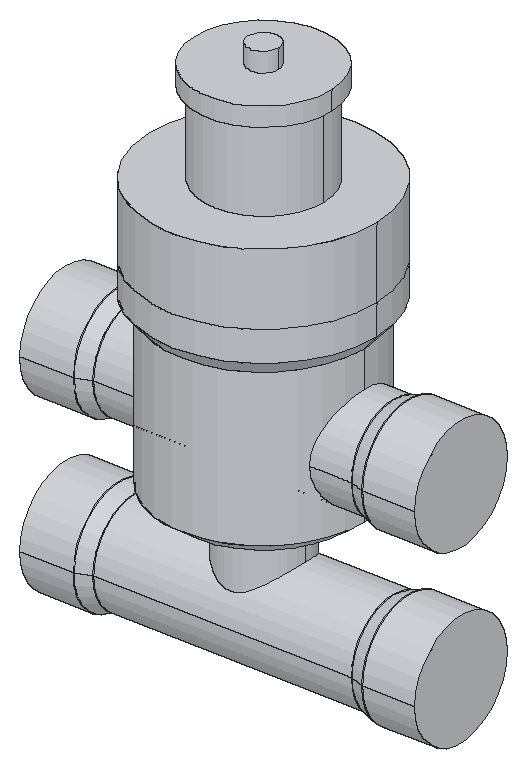
Revit family "VTX13P_DN15_PN16_RFA_2019", category Pipe Accessories, Revit 2019
Family settings
  Round Connector Dimension = Use Diameter
  Part Type = Valve - Breaks Into
  Work Plane-Based = No
  Always vertical = Yes
  Cut with Voids When Loaded = No
  Shared = No
Parameters (values of type "VTX13P G1/2  PN16 kvs1,6")
  magiProductId = ""
  magiProductFamilyId = ""
  magiPartTypeId = 306
  isMeasuringValve [instance] = no
  ang2D [instance] = 0.00°
  Z8 = 4 mm
  Z7__ve = -Z7  # -2.5 mm
  Z7 = 2.5 mm
  Z5 = 9.45 mm
  Z3 = 2 mm
  Z2 = 8.05 mm
  X4__ve = -X4  # -7 mm
  X4 = 7 mm
  X3 = 34 mm
  W2D = 15 mm
  VersionID = ""
  Use Minimum Symbol Size [instance] = yes
  URL = "www.hydronix.cz"
  Type Comments = "Závitový, vnější závit, ploché těsnění; LIN charakteristika; PN16; +5~+95°C; max.rychlost proudění 3,0 m/s"
  R9 = 9 mm
  R8 = 2 mm
  R7 = 15 mm
  R6 = 10.64 mm
  R5 = 6.703 mm
  R4 = 5.586 mm
  R2 = 13.3 mm
  R10 = 8 mm
  R1 = 6.75 mm
  QmdConnectorList = "301;D;302;D"
  Productdata [instance] = ""
  Manufacturer = "Hydronix"
  MC2 = yes
  MC Product Code = "VTX13P (G1/2\"; dpmax=250kPa; kvs 1,6)"
  MC = no
  LT2 = 19 mm
  L2D_Min = 3048 mm
  L2D = 38 mm
  H1 = 20.5 mm
  H = 27 mm
  E = 16 mm
  Description = "3 cestný regulační ventil malých spotřebičů s obtokem, DN15; zdvih 2,5mm; max dp 250kPa; kvs1,6"
  DT2 = 7.5 mm
  D = 15 mm
  CAT0 = yes
  C = 23 mm
Types (8, lengths in mm): name | Z5 | Z2 | X3 | R6 | R5 | R4 | R2 | R1 | MC Product Code | LT2 | H1 | H | Description | DT2 | D | C
  VTX09P G1/2  PN16 kvs0,25 | 9.45 | 8.05 | 34 | 10.64 | 6.703 | 5.586 | 13.3 | 6.75 | "VTX09P (G1/2\"; dpmax=250kPa; kvs 0,25)" | 19 | 20.5 | 27 | "3 cestný regulační ventil malých spotřebičů s obtokem, DN15; zdvih 2,5mm; max dp 250kPa; kvs0,25" | 7.5 | 15 | 23
  VTX10P G1/2  PN16 kvs0,4 | 9.45 | 8.05 | 34 | 10.64 | 6.703 | 5.586 | 13.3 | 6.75 | "VTX10P (G1/2\"; dpmax=250kPa; kvs 0,4)" | 19 | 20.5 | 27 | "3 cestný regulační ventil malých spotřebičů s obtokem, DN15; zdvih 2,5mm; max dp 250kPa; kvs0,4" | 7.5 | 15 | 23
  VTX12P G1/2  PN16 kvs1,0 | 9.45 | 8.05 | 34 | 10.64 | 6.703 | 5.586 | 13.3 | 6.75 | "VTX12P (G1/2\"; dpmax=250kPa; kvs 1,0)" | 19 | 20.5 | 27 | "3 cestný regulační ventil malých spotřebičů s obtokem, DN15; zdvih 2,5mm; max dp 250kPa; kvs1,0" | 7.5 | 15 | 23
  VTX13P G1/2  PN16 kvs1,6 | 9.45 | 8.05 | 34 | 10.64 | 6.703 | 5.586 | 13.3 | 6.75 | "VTX13P (G1/2\"; dpmax=250kPa; kvs 1,6)" | 19 | 20.5 | 27 | "3 cestný regulační ventil malých spotřebičů s obtokem, DN15; zdvih 2,5mm; max dp 250kPa; kvs1,6" | 7.5 | 15 | 23
  VTX21P G3/4  PN16 kvs2,5 | 9.1 | 17.5 | 38 | 11.76 | 7.409 | 6.174 | 14.7 | 9 | "VTX21P (G3/4\"; dpmax=150kPa; kvs 2,5)" | 21 | 37.4 | 26 | "3 cestný regulační ventil malých spotřebičů s obtokem, DN20; zdvih 2,5mm; max dp 150kPa; kvs2,5" | 10 | 20 | 50
  VTX24P G3/4  PN16 kvs4,0 | 9.1 | 17.5 | 38 | 11.76 | 7.409 | 6.174 | 14.7 | 9 | "VTX24P (G3/4\"; dpmax A-AB=100kPa;  dpmax B-AB=40kPa;  kvs 4,0)" | 21 | 37.4 | 26 | "3 cestný regulační ventil malých spotřebičů s obtokem, DN20; zdvih 2,5mm; max dp A-AB 100kPa; max dp B-AB 40kPa; kvs4,0" | 10 | 20 | 50
  VTX26P G3/4  PN16 kvs6,0 | 9.1 | 17.5 | 38 | 11.76 | 7.409 | 6.174 | 14.7 | 9 | "VTX26P (G3/4\"; dpmax A-AB=100kPa;  dpmax B-AB=40kPa; kvs 6,0)" | 21 | 37.4 | 26 | "3 cestný regulační ventil malých spotřebičů s obtokem, DN20; zdvih 2,5mm; max dp A-AB 100kPa; max dp B-AB 40kPa; kvs6,0" | 10 | 20 | 50
  VTX11P G1/2  PN16 kvs0,6 | 9.45 | 8.05 | 34 | 10.64 | 6.703 | 5.586 | 13.3 | 6.75 | "VTX11P (G1/2\"; dpmax=250kPa; kvs 0,6)" | 19 | 20.5 | 27 | "3 cestný regulační ventil malých spotřebičů s obtokem, DN15; zdvih 2,5mm; max dp 250kPa; kvs0,6" | 7.5 | 15 | 23
Reference planes
  plane 1 "Center (Front/Back)": y = 0
  plane 2 "XYPLANE": z = 0
  plane 3 "Center (Left/Right)": x = 0
  plane 4 "271": z = 38
  plane 5 "254": z = 11.55
  plane 6 "253": z = 17.55
  plane 7 "148": z = 40.5
  plane 8 "132": z = 43
  plane 9 "62": z = 13.55
  plane 10 "53": z = 27
  plane 11 "52": z = -8.95
  plane 12 "48": z = -10.95
  plane 13 "47": z = -12.95
  plane 14 "38": z = -21
  plane 15 "37": x = 17
  plane 16 "36": x = 19
  plane 17 "23": z = -23
  plane 18 "19": x = -17
  plane 19 "15": x = -19
  plane 20 "6": x = 26
  plane 21 "5": x = -26
  plane 22 "3": z = 0
  plane 23 "2": y = 0
  plane 24 "1": x = 0
Forms (mm)
  Extrusion 1, solid
    sketch origin (-17, -750, 0) x (0, 1, 0) y (0, 0, 1)
      loop
        circle (750, -23) r 6.75
    from 0 to 34 <- "X3"
  Blend 2, solid
    base sketch origin (19, -750, 0) x (0, 1, 0) y (0, 0, 1)
      loop
        circle (750, -23) r 7.5
    top sketch origin (19, -750, 0) x (0, 1, 0) y (0, 0, 1)
      loop
        circle (750, -23) r 6.75
    from 0 to -2
  Extrusion 3, solid
    sketch origin (26, -750, 0) x (0, 1, 0) y (0, 0, 1)
      loop
        circle (750, -23) r 7.5
    from 0 to -7 <- "X4__ve"
  Extrusion 4, solid
    sketch origin (-26, -750, 0) x (0, 1, 0) y (0, 0, 1)
      loop
        circle (750, -23) r 7.5
    from 0 to 7 <- "X4"
  Blend 5, solid
    base sketch origin (-19, -750, 0) x (0, 1, 0) y (0, 0, 1)
      loop
        circle (750, -23) r 7.5
    top sketch origin (-19, -750, 0) x (0, 1, 0) y (0, 0, 1)
      loop
        circle (750, -23) r 6.75
    from 0 to 2
  Extrusion 6, solid, visible <- "CAT0"
    sketch origin (-750, 0, 43) x (1, 0, 0) y (0, 1, 0)
      loop
        circle (750, 0) r 2
    from 0 to -2.5 <- "Z7__ve"
  Extrusion 7, solid, visible <- "CAT0"
    sketch origin (-750, 0, 38) x (1, 0, 0) y (0, 1, 0)
      loop
        circle (750, 0) r 8
    from 0 to -19
  Extrusion 8, solid, visible <- "CAT0"
    sketch origin (-17, -750, 0) x (0, 1, 0) y (0, 0, 1)
      loop
        circle (750, 0) r 6.75
    from 0 to 34 <- "X3"
  Extrusion 9, solid
    sketch origin (-750, 0, 13.55) x (1, 0, 0) y (0, 1, 0)
      loop
        circle (750, 0) r 15
    from 0 to 4 <- "Z8"
  Extrusion 10, solid
    sketch origin (-750, 0, 40.5) x (1, 0, 0) y (0, 1, 0)
      loop
        circle (750, 0) r 9
    from 0 to -2.5 <- "Z7__ve"
  Extrusion 11, solid
    sketch origin (-750, 0, 17.55) x (1, 0, 0) y (0, 1, 0)
      loop
        circle (750, 0) r 15
    from 0 to 9.45 <- "Z5"
  Blend 12, solid
    base sketch origin (-750, 0, 11.55) x (1, 0, 0) y (0, 1, 0)
      loop
        circle (750, 0) r 13.3
    top sketch origin (-750, 0, 11.55) x (1, 0, 0) y (0, 1, 0)
      loop
        circle (750, 0) r 15
    from 0 to 2
  Blend 13, solid
    base sketch origin (-750, 0, -8.95) x (1, 0, 0) y (0, 1, 0)
      loop
        circle (750, 0) r 13.3
    top sketch origin (-750, 0, -8.95) x (1, 0, 0) y (0, 1, 0)
      loop
        circle (750, 0) r 10.64
    from 0 to -2
  Blend 14, solid
    base sketch origin (-750, 0, -10.95) x (1, 0, 0) y (0, 1, 0)
      loop
        circle (750, 0) r 6.703
    top sketch origin (-750, 0, -10.95) x (1, 0, 0) y (0, 1, 0)
      loop
        circle (750, 0) r 5.586
    from 0 to -2
  Extrusion 15, solid
    sketch origin (-750, 0, -21) x (1, 0, 0) y (0, 1, 0)
      loop
        circle (750, 0) r 5.586
    from 0 to 8.05 <- "Z2"
  Extrusion 16, solid
    sketch origin (26, -750, 0) x (0, 1, 0) y (0, 0, 1)
      loop
        circle (750, 0) r 7.5
    from 0 to -7 <- "X4__ve"
  Blend 17, solid
    base sketch origin (19, -750, 0) x (0, 1, 0) y (0, 0, 1)
      loop
        circle (750, 0) r 7.5
    top sketch origin (19, -750, 0) x (0, 1, 0) y (0, 0, 1)
      loop
        circle (750, 0) r 6.75
    from 0 to -2
  Extrusion 18, solid
    sketch origin (-750, 0, -8.95) x (1, 0, 0) y (0, 1, 0)
      loop
        circle (750, 0) r 13.3
    from 0 to 20.5 <- "H1"
  Blend 19, solid
    base sketch origin (-19, -750, 0) x (0, 1, 0) y (0, 0, 1)
      loop
        circle (750, 0) r 7.5
    top sketch origin (-19, -750, 0) x (0, 1, 0) y (0, 0, 1)
      loop
        circle (750, 0) r 6.75
    from 0 to 2
  Extrusion 20, solid
    sketch origin (-26, -750, 0) x (0, 1, 0) y (0, 0, 1)
      loop
        circle (750, 0) r 7.5
    from 0 to 7 <- "X4"
  Extrusion 21, solid, not visible
    sketch origin (19, -750, 0) x (0, 1, 0) y (0, 0, 1)
      loop
        circle (750, 0) r 10
    from 0 to -10
  Extrusion 22, solid, not visible
    sketch origin (-19, -750, 0) x (0, 1, 0) y (0, 0, 1)
      loop
        circle (750, 0) r 10
    from 0 to 10
Lines and regions (mm)
  reference lines, not visible
    curve 1: circle (2, 2, 0) r 1 normal (0, 0, 1)
Dimensions and locks
  plane 1 "Center (Front/Back)" to curve 1 = 2 mm
  "Z7": plane 7 "148" to plane 4 "271"
  "Z3": plane 9 "62" to plane 5 "254"
  "Z5": plane 10 "53" to plane 6 "253"
  "Z7": plane 8 "132" to plane 7 "148"
  "E": plane 10 "53" to plane 8 "132"
  "Z8": plane 6 "253" to plane 9 "62"
  "H": plane 2 "XYPLANE" to plane 10 "53"
  "Z3": plane 12 "48" to plane 11 "52"
  "Z3": plane 13 "47" to plane 12 "48"
  "Z2": plane 14 "38" to plane 13 "47"
  "Z3": plane 17 "23" to plane 14 "38"
  locked: plane 16 "36" to plane 15 "37" at 2
  "LT2": plane 3 "Center (Left/Right)" to plane 16 "36"
  "C": plane 2 "XYPLANE" to plane 17 "23"
  locked: plane 19 "15" to plane 18 "19" at 2
  "LT2": plane 3 "Center (Left/Right)" to plane 19 "15"
  "X4": plane 16 "36" to plane 20 "6"
  "X4": plane 19 "15" to plane 21 "5"
  locked: plane 2 "XYPLANE" to plane 22 "3"
  locked: plane 1 "Center (Front/Back)" to plane 23 "2"
  locked: plane 3 "Center (Left/Right)" to plane 24 "1"
  "R1": radius of Extrusion 1 sketch curve
  "R1": radius of Blend 2 sketch curve
  "DT2": radius of Blend 2 sketch curve
  "DT2": radius of Extrusion 3 sketch curve
  "DT2": radius of Extrusion 4 sketch curve
  "R1": radius of Blend 5 sketch curve
  "DT2": radius of Blend 5 sketch curve
  "R8": radius of Extrusion 6 sketch curve
  "R10": radius of Extrusion 7 sketch curve
  "R1": radius of Extrusion 8 sketch curve
  "R7": radius of Extrusion 9 sketch curve
  "R9": radius of Extrusion 10 sketch curve
  "R7": radius of Extrusion 11 sketch curve
  "R7": radius of Blend 12 sketch curve
  "R2": radius of Blend 12 sketch curve
  "R6": radius of Blend 13 sketch curve
  "R2": radius of Blend 13 sketch curve
  "R4": radius of Blend 14 sketch curve
  "R5": radius of Blend 14 sketch curve
  "R4": radius of Extrusion 15 sketch curve
  "DT2": radius of Extrusion 16 sketch curve
  "R1": radius of Blend 17 sketch curve
  "DT2": radius of Blend 17 sketch curve
  "R2": radius of Extrusion 18 sketch curve
  "R1": radius of Blend 19 sketch curve
  "DT2": radius of Blend 19 sketch curve
  "DT2": radius of Extrusion 20 sketch curve
  aligned and locked: level to plane 2 "XYPLANE"
  aligned and locked: plane 17 "23" to Extrusion 1 sketch curve
  aligned and locked: Extrusion 1 sketch curve to plane 23 "2"
  aligned and locked: plane 17 "23" to Blend 2 sketch curve  (x2)
  aligned and locked: Blend 2 sketch curve to plane 23 "2"  (x2)
  aligned and locked: Blend 2 to plane 15 "37"
  aligned and locked: plane 17 "23" to Extrusion 3 sketch curve
  aligned and locked: Extrusion 3 sketch curve to plane 23 "2"
  aligned and locked: plane 17 "23" to Extrusion 4 sketch curve
  aligned and locked: Extrusion 4 sketch curve to plane 23 "2"
  aligned and locked: plane 17 "23" to Blend 5 sketch curve  (x2)
  aligned and locked: Blend 5 sketch curve to plane 23 "2"  (x2)
  aligned and locked: plane 18 "19" to Blend 5
  aligned and locked: plane 23 "2" to Extrusion 6 sketch curve
  aligned and locked: plane 24 "1" to Extrusion 6 sketch curve
  aligned and locked: plane 23 "2" to Extrusion 7 sketch curve
  aligned and locked: plane 24 "1" to Extrusion 7 sketch curve
  aligned and locked: plane 22 "3" to Extrusion 8 sketch curve
  aligned and locked: Extrusion 8 sketch curve to plane 23 "2"
  aligned and locked: plane 23 "2" to Extrusion 9 sketch curve
  aligned and locked: plane 24 "1" to Extrusion 9 sketch curve
  aligned and locked: plane 23 "2" to Extrusion 10 sketch curve
  aligned and locked: plane 24 "1" to Extrusion 10 sketch curve
  aligned and locked: plane 23 "2" to Extrusion 11 sketch curve
  aligned and locked: plane 24 "1" to Extrusion 11 sketch curve
  aligned and locked: plane 23 "2" to Blend 12 sketch curve  (x2)
  aligned and locked: plane 24 "1" to Blend 12 sketch curve  (x2)
  aligned and locked: plane 9 "62" to Blend 12
  aligned and locked: plane 23 "2" to Blend 13 sketch curve  (x2)
  aligned and locked: plane 24 "1" to Blend 13 sketch curve  (x2)
  aligned and locked: Blend 13 to plane 12 "48"
  aligned and locked: plane 23 "2" to Blend 14 sketch curve  (x2)
  aligned and locked: plane 24 "1" to Blend 14 sketch curve  (x2)
  aligned and locked: Blend 14 to plane 13 "47"
  aligned and locked: plane 23 "2" to Extrusion 15 sketch curve
  aligned and locked: plane 24 "1" to Extrusion 15 sketch curve
  aligned and locked: plane 22 "3" to Extrusion 16 sketch curve
  aligned and locked: Extrusion 16 sketch curve to plane 23 "2"
  aligned and locked: plane 22 "3" to Blend 17 sketch curve  (x2)
  aligned and locked: Blend 17 sketch curve to plane 23 "2"  (x2)
  aligned and locked: Blend 17 to plane 15 "37"
  aligned and locked: plane 23 "2" to Extrusion 18 sketch curve
  aligned and locked: plane 24 "1" to Extrusion 18 sketch curve
  aligned and locked: plane 22 "3" to Blend 19 sketch curve  (x2)
  aligned and locked: Blend 19 sketch curve to plane 23 "2"  (x2)
  aligned and locked: plane 18 "19" to Blend 19
  aligned and locked: plane 22 "3" to Extrusion 20 sketch curve
  aligned and locked: Extrusion 20 sketch curve to plane 23 "2"
  aligned and locked: plane 22 "3" to Extrusion 21 sketch curve
  aligned and locked: Extrusion 21 sketch curve to plane 23 "2"
  aligned and locked: plane 22 "3" to Extrusion 22 sketch curve
  aligned and locked: Extrusion 22 sketch curve to plane 23 "2"
Automatic sketch dimensions
  plane 1 "Center (Front/Back)" to Extrusion 21 sketch curve = 10 mm
  plane 1 "Center (Front/Back)" to Extrusion 22 sketch curve = 10 mm
  plane 3 "Center (Left/Right)" to curve 1 = 2 mm
  radius of curve 1 = 1 mm
Connectors
  piping at (-19, 0, 0), diameter 15, driven by "D"
    settings: on Extrusion 22, index 1, connector inside diameter 609.6 mm, connector length 0 mm, flow factor 0, pipe flow 0.0 L/s, pressure drop 0.0 Pa, fitting loss kfactor 0, connector angle 0.00°, fixture units 0, engagement length 0 mm, angle of deflection 0.00°, flow configuration 0, flow direction 0, fitting loss method 0, system type 29, joint type 0, gender type 0, connector reference index 2, connector utility 0, adjustable connector no, is connector primary yes, connector description ""
  piping at (19, 0, 0), diameter 15, driven by "D"
    settings: on Extrusion 21, index 2, connector inside diameter 609.6 mm, connector length 0 mm, flow factor 0, pipe flow 0.0 L/s, pressure drop 0.0 Pa, fitting loss kfactor 0, connector angle 0.00°, fixture units 0, engagement length 0 mm, angle of deflection 0.00°, flow configuration 0, flow direction 0, fitting loss method 0, system type 29, joint type 0, gender type 0, connector reference index 1, connector utility 0, adjustable connector no, is connector primary no, connector description ""
